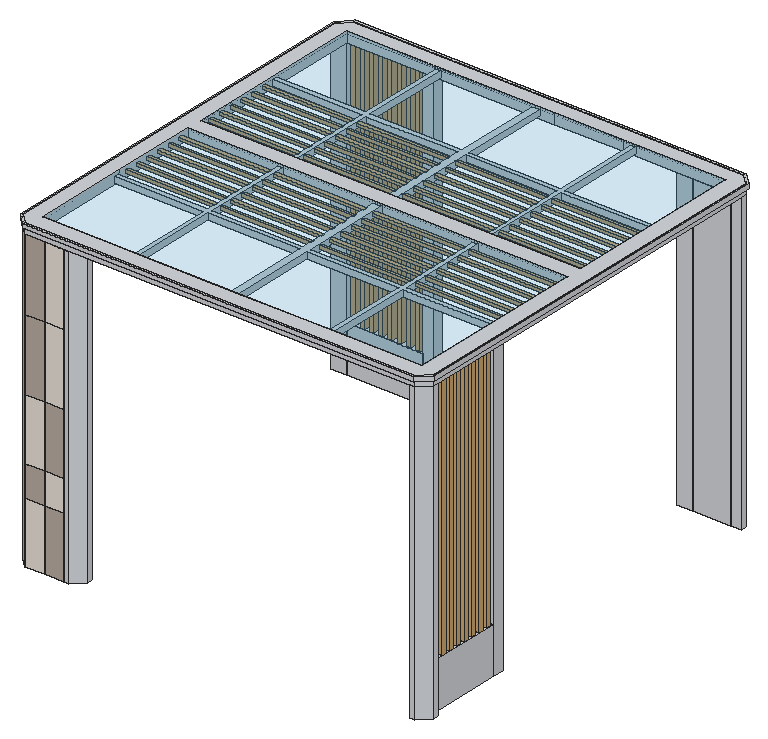
Revit family "L-FUR_퍼걸러_DWP-2016-1_데오스웍스", category 일반 모델, Revit 2019
Family settings
  보강 철근 호스트 가능 = 아니오
  원형 커넥터 치수 = 지름 사용
  부품 유형 = 보통
  작업 기준면 기반 = 아니오
  항상 수직 = 예
  로드될 때 보이드를 사용하여 절단 = 아니오
  공유 = 아니오
  룸 계산 점 = 아니오
Parameters
  한국산업규격KS = ""
  조달청표준공사코드-세부공종 = "24076836"
  건설정보분류체계-부위분류 = "E94135"
  LIM_INFO_주의사항 = "재배포, 재가공, 판매 금지"
  LIM_INFO_제품업체 = "데오스웍스"
  LIM_INFO_제품번호 = "DWP-2016-1"
  LIM_INFO_제품명 = "퍼걸러_DWP-2016-1"
  LIM_INFO_제작일 = "2021.12."
  LIM_INFO_재료 = "Hardwood, Stl pipe, 강화유리"
  LIM_INFO_업체정보 = ""
  LIM_INFO_업체URL = "https://www.deosworks.com"
  LIM_INFO_업체TEL = "02-862-3444"
  LIM_INFO_업체EMAIL = "info@deosworks.com"
  LIM_INFO_버전 = "2022_V01"
  LIM_INFO_기타정보 = ""
  LIM_INFO_규격 = "W4040 x D4040 x H3000"
  LIM_INFO_가격 = 0
  LIM_INFO_PV_포장재여부 = yes
  LIM_INFO_PV_면적 = 0.00 m²
  KBIMS_식별-버전 = ""
  KBIMS_식별-bSK등록번호 = ""
  KBIMS_보급정보-저작자 = "림인포테크_MMJ"
  KBIMS_보급정보-보급코드 = ""
Reference planes
  plane 1 "중심(앞/뒤)": y = 0
  plane 2: z = 0
  plane 3 "중심(왼쪽/오른쪽)": x = 0
Forms (mm)
  Extrusion 1, solid
    sketch origin (-6248.258, 7246.963, 0) x (1, 0, 0) y (0, 1, 0)
      loop
        line (6368.258, -7266.963) -> (6268.258, -7366.963) -> (6268.258, -11166.963) -> (6368.258, -11266.963) -> (10168.258, -11266.963) -> (10268.258, -11166.963) -> (10268.258, -7366.963) -> (10168.258, -7266.963) -> (6368.258, -7266.963)
      loop
        line (10118.258, -11116.963) -> (10118.258, -9341.963) -> (6418.258, -9341.963) -> (6418.258, -10183.088) -> (6418.258, -11116.963) -> (7425.468, -11116.963) -> (8314.051, -11116.963) -> (9349.701, -11116.963) -> (10118.258, -11116.963)
      loop
        line (10118.258, -8175.752) -> (10118.258, -7416.963) -> (9112.408, -7416.963) -> (8453.452, -7416.963) -> (7269.277, -7416.963) -> (6418.258, -7416.963) -> (6418.258, -9191.963) -> (10118.258, -9191.963) -> (10118.258, -8175.752)
    from 2900 to 3000
  Extrusion 2, solid
    sketch origin (-6248.258, 7246.963, 0) x (1, 0, 0) y (0, 1, 0)
      loop
        line (6359.974, -7246.963) -> (6248.258, -7358.679) -> (6248.258, -11175.248) -> (6359.974, -11286.963) -> (10176.542, -11286.963) -> (10288.258, -11175.248) -> (10288.258, -7358.679) -> (10176.542, -7246.963) -> (6359.974, -7246.963)
      loop
        line (10268.258, -7366.963) -> (10168.258, -7266.963) -> (6368.258, -7266.963) -> (6268.258, -7366.963) -> (6268.258, -11166.963) -> (6368.258, -11266.963) -> (10168.258, -11266.963) -> (10268.258, -11166.963) -> (10268.258, -7366.963)
    from 2960 to 3000
  Extrusion 3, solid, material "합판, 피막 외장"
    sketch origin (-6248.258, 7246.963, 0) x (1, 0, 0) y (0, 1, 0)
      loop
        line (6418.258, -10084.463) -> (6418.258, -10114.463) -> (7295.758, -10114.463) -> (7295.758, -10084.463) -> (6418.258, -10084.463)
      loop
        line (6418.258, -9954.463) -> (6418.258, -9984.463) -> (7295.758, -9984.463) -> (7295.758, -9954.463) -> (6418.258, -9954.463)
      loop
        line (6418.258, -9824.463) -> (6418.258, -9854.463) -> (7295.758, -9854.463) -> (7295.758, -9824.463) -> (6418.258, -9824.463)
      loop
        line (6418.258, -9694.463) -> (6418.258, -9724.463) -> (7295.758, -9724.463) -> (7295.758, -9694.463) -> (6418.258, -9694.463)
      loop
        line (6418.258, -9564.463) -> (6418.258, -9594.463) -> (7295.758, -9594.463) -> (7295.758, -9564.463) -> (6418.258, -9564.463)
      loop
        line (6418.258, -9434.463) -> (6418.258, -9464.463) -> (7295.758, -9464.463) -> (7295.758, -9434.463) -> (6418.258, -9434.463)
      loop
        line (7340.758, -10084.463) -> (7340.758, -10114.463) -> (8230.758, -10114.463) -> (8230.758, -10084.463) -> (7340.758, -10084.463)
      loop
        line (7340.758, -9954.463) -> (7340.758, -9984.463) -> (8230.758, -9984.463) -> (8230.758, -9954.463) -> (7340.758, -9954.463)
      loop
        line (7340.758, -9824.463) -> (7340.758, -9854.463) -> (8230.758, -9854.463) -> (8230.758, -9824.463) -> (7340.758, -9824.463)
      loop
        line (7340.758, -9694.463) -> (7340.758, -9724.463) -> (8230.758, -9724.463) -> (8230.758, -9694.463) -> (7340.758, -9694.463)
      loop
        line (7340.758, -9564.463) -> (7340.758, -9594.463) -> (8230.758, -9594.463) -> (8230.758, -9564.463) -> (7340.758, -9564.463)
      loop
        line (7340.758, -9434.463) -> (7340.758, -9464.463) -> (8230.758, -9464.463) -> (8230.758, -9434.463) -> (7340.758, -9434.463)
      loop
        line (8305.758, -10084.463) -> (8305.758, -10114.463) -> (9195.758, -10114.463) -> (9195.758, -10084.463) -> (8305.758, -10084.463)
      loop
        line (8305.758, -9954.463) -> (8305.758, -9984.463) -> (9195.758, -9984.463) -> (9195.758, -9954.463) -> (8305.758, -9954.463)
      loop
        line (8305.758, -9824.463) -> (8305.758, -9854.463) -> (9195.758, -9854.463) -> (9195.758, -9824.463) -> (8305.758, -9824.463)
      loop
        line (8305.758, -9694.463) -> (8305.758, -9724.463) -> (9195.758, -9724.463) -> (9195.758, -9694.463) -> (8305.758, -9694.463)
      loop
        line (8305.758, -9564.463) -> (8305.758, -9594.463) -> (9195.758, -9594.463) -> (9195.758, -9564.463) -> (8305.758, -9564.463)
      loop
        line (8305.758, -9434.463) -> (8305.758, -9464.463) -> (9195.758, -9464.463) -> (9195.758, -9434.463) -> (8305.758, -9434.463)
      loop
        line (9240.758, -10084.463) -> (9240.758, -10114.463) -> (10118.258, -10114.463) -> (10118.258, -10084.463) -> (9240.758, -10084.463)
      loop
        line (9240.758, -9954.463) -> (9240.758, -9984.463) -> (10118.258, -9984.463) -> (10118.258, -9954.463) -> (9240.758, -9954.463)
      loop
        line (9240.758, -9824.463) -> (9240.758, -9854.463) -> (10118.258, -9854.463) -> (10118.258, -9824.463) -> (9240.758, -9824.463)
      loop
        line (9240.758, -9694.463) -> (9240.758, -9724.463) -> (10118.258, -9724.463) -> (10118.258, -9694.463) -> (9240.758, -9694.463)
      loop
        line (9240.758, -9564.463) -> (9240.758, -9594.463) -> (10118.258, -9594.463) -> (10118.258, -9564.463) -> (9240.758, -9564.463)
      loop
        line (9240.758, -9434.463) -> (9240.758, -9464.463) -> (10118.258, -9464.463) -> (10118.258, -9434.463) -> (9240.758, -9434.463)
      loop
        line (6418.258, -9069.463) -> (6418.258, -9099.463) -> (7295.758, -9099.463) -> (7295.758, -9069.463) -> (6418.258, -9069.463)
      loop
        line (6418.258, -8939.463) -> (6418.258, -8969.463) -> (7295.758, -8969.463) -> (7295.758, -8939.463) -> (6418.258, -8939.463)
      loop
        line (6418.258, -8809.463) -> (6418.258, -8839.463) -> (7295.758, -8839.463) -> (7295.758, -8809.463) -> (6418.258, -8809.463)
      loop
        line (6418.258, -8679.463) -> (6418.258, -8709.463) -> (7295.758, -8709.463) -> (7295.758, -8679.463) -> (6418.258, -8679.463)
      loop
        line (6418.258, -8549.463) -> (6418.258, -8579.463) -> (7295.758, -8579.463) -> (7295.758, -8549.463) -> (6418.258, -8549.463)
      loop
        line (6418.258, -8419.463) -> (6418.258, -8449.463) -> (7295.758, -8449.463) -> (7295.758, -8419.463) -> (6418.258, -8419.463)
      loop
        line (7340.758, -9069.463) -> (7340.758, -9099.463) -> (8230.758, -9099.463) -> (8230.758, -9069.463) -> (7340.758, -9069.463)
      loop
        line (7340.758, -8939.463) -> (7340.758, -8969.463) -> (8230.758, -8969.463) -> (8230.758, -8939.463) -> (7340.758, -8939.463)
      loop
        line (7340.758, -8809.463) -> (7340.758, -8839.463) -> (8230.758, -8839.463) -> (8230.758, -8809.463) -> (7340.758, -8809.463)
      loop
        line (7340.758, -8679.463) -> (7340.758, -8709.463) -> (8230.758, -8709.463) -> (8230.758, -8679.463) -> (7340.758, -8679.463)
      loop
        line (7340.758, -8549.463) -> (7340.758, -8579.463) -> (8230.758, -8579.463) -> (8230.758, -8549.463) -> (7340.758, -8549.463)
      loop
        line (7340.758, -8419.463) -> (7340.758, -8449.463) -> (8230.758, -8449.463) -> (8230.758, -8419.463) -> (7340.758, -8419.463)
      loop
        line (8305.758, -9069.463) -> (8305.758, -9099.463) -> (9195.758, -9099.463) -> (9195.758, -9069.463) -> (8305.758, -9069.463)
      loop
        line (8305.758, -8939.463) -> (8305.758, -8969.463) -> (9195.758, -8969.463) -> (9195.758, -8939.463) -> (8305.758, -8939.463)
      loop
        line (8305.758, -8809.463) -> (8305.758, -8839.463) -> (9195.758, -8839.463) -> (9195.758, -8809.463) -> (8305.758, -8809.463)
      loop
        line (8305.758, -8679.463) -> (8305.758, -8709.463) -> (9195.758, -8709.463) -> (9195.758, -8679.463) -> (8305.758, -8679.463)
      loop
        line (8305.758, -8549.463) -> (8305.758, -8579.463) -> (9195.758, -8579.463) -> (9195.758, -8549.463) -> (8305.758, -8549.463)
      loop
        line (8305.758, -8419.463) -> (8305.758, -8449.463) -> (9195.758, -8449.463) -> (9195.758, -8419.463) -> (8305.758, -8419.463)
      loop
        line (9240.758, -9069.463) -> (9240.758, -9099.463) -> (10118.258, -9099.463) -> (10118.258, -9069.463) -> (9240.758, -9069.463)
      loop
        line (9240.758, -8939.463) -> (9240.758, -8969.463) -> (10118.258, -8969.463) -> (10118.258, -8939.463) -> (9240.758, -8939.463)
      loop
        line (9240.758, -8809.463) -> (9240.758, -8839.463) -> (10118.258, -8839.463) -> (10118.258, -8809.463) -> (9240.758, -8809.463)
      loop
        line (9240.758, -8679.463) -> (9240.758, -8709.463) -> (10118.258, -8709.463) -> (10118.258, -8679.463) -> (9240.758, -8679.463)
      loop
        line (9240.758, -8549.463) -> (9240.758, -8579.463) -> (10118.258, -8579.463) -> (10118.258, -8549.463) -> (9240.758, -8549.463)
      loop
        line (9240.758, -8419.463) -> (9240.758, -8449.463) -> (10118.258, -8449.463) -> (10118.258, -8419.463) -> (9240.758, -8419.463)
    from 2950 to 2980
  Extrusion 4, solid
    sketch origin (-13725.236, -1408.512, 0) x (1, 0, 0) y (0, 1, 0)
      loop
        line (17595.236, -2461.488) -> (17595.236, -2611.488) -> (17645.236, -2611.488) -> (17745.236, -2511.488) -> (17745.236, -2461.488) -> (17695.236, -2461.488) -> (17595.236, -2461.488)
    from 0 to 2900
  Extrusion 5, solid
    sketch origin (-13725.236, -1408.512, 0) x (1, 0, 0) y (0, 1, 0)
      loop
        line (17595.236, -1711.488) -> (17595.236, -2461.488) -> (17695.236, -2461.488) -> (17695.236, -1711.488) -> (17595.236, -1711.488)
    from 0 to 450
  Extrusion 6, solid
    sketch origin (-13725.236, -1408.512, 0) x (1, 0, 0) y (0, 1, 0)
      loop
        line (17595.236, -1611.488) -> (17595.236, -1711.488) -> (17695.236, -1711.488) -> (17695.236, -1611.488) -> (17595.236, -1611.488)
    from 0 to 2900
  Extrusion 7, solid, material "합판, 피막 외장"
    sketch origin (-13725.236, -1408.512, 0) x (1, 0, 0) y (0, 1, 0)
      loop
        line (17605.236, -1751.488) -> (17605.236, -1791.488) -> (17685.236, -1791.488) -> (17685.236, -1751.488) -> (17605.236, -1751.488)
      loop
        line (17605.236, -1841.488) -> (17605.236, -1881.488) -> (17685.236, -1881.488) -> (17685.236, -1841.488) -> (17605.236, -1841.488)
      loop
        line (17605.236, -1931.488) -> (17605.236, -1971.488) -> (17685.236, -1971.488) -> (17685.236, -1931.488) -> (17605.236, -1931.488)
      loop
        line (17605.236, -2021.488) -> (17605.236, -2061.488) -> (17685.236, -2061.488) -> (17685.236, -2021.488) -> (17605.236, -2021.488)
      loop
        line (17605.236, -2111.488) -> (17605.236, -2151.488) -> (17685.236, -2151.488) -> (17685.236, -2111.488) -> (17605.236, -2111.488)
      loop
        line (17605.236, -2201.488) -> (17605.236, -2241.488) -> (17685.236, -2241.488) -> (17685.236, -2201.488) -> (17605.236, -2201.488)
      loop
        line (17605.236, -2291.488) -> (17605.236, -2331.488) -> (17685.236, -2331.488) -> (17685.236, -2291.488) -> (17605.236, -2291.488)
      loop
        line (17605.236, -2381.488) -> (17605.236, -2421.488) -> (17685.236, -2421.488) -> (17685.236, -2381.488) -> (17605.236, -2381.488)
    from 450 to 2900
  Extrusion 8, solid
    sketch origin (2631.373, 17525.236, 0) x (0, -1, 0) y (1, 0, 0)
      loop
        line (17595.236, -1711.488) -> (17595.236, -2461.488) -> (17695.236, -2461.488) -> (17695.236, -1711.488) -> (17595.236, -1711.488)
    from 0 to 450
  Extrusion 9, solid
    sketch origin (2631.373, 17525.236, 0) x (0, -1, 0) y (1, 0, 0)
      loop
        line (17595.236, -1611.488) -> (17595.236, -1711.488) -> (17695.236, -1711.488) -> (17695.236, -1611.488) -> (17595.236, -1611.488)
    from 0 to 2900
  Extrusion 10, solid, material "합판, 피막 외장"
    sketch origin (2631.373, 17525.236, 0) x (0, -1, 0) y (1, 0, 0)
      loop
        line (17605.236, -1751.488) -> (17605.236, -1791.488) -> (17685.236, -1791.488) -> (17685.236, -1751.488) -> (17605.236, -1751.488)
      loop
        line (17605.236, -1841.488) -> (17605.236, -1881.488) -> (17685.236, -1881.488) -> (17685.236, -1841.488) -> (17605.236, -1841.488)
      loop
        line (17605.236, -1931.488) -> (17605.236, -1971.488) -> (17685.236, -1971.488) -> (17685.236, -1931.488) -> (17605.236, -1931.488)
      loop
        line (17605.236, -2021.488) -> (17605.236, -2061.488) -> (17685.236, -2061.488) -> (17685.236, -2021.488) -> (17605.236, -2021.488)
      loop
        line (17605.236, -2111.488) -> (17605.236, -2151.488) -> (17685.236, -2151.488) -> (17685.236, -2111.488) -> (17605.236, -2111.488)
      loop
        line (17605.236, -2201.488) -> (17605.236, -2241.488) -> (17685.236, -2241.488) -> (17685.236, -2201.488) -> (17605.236, -2201.488)
      loop
        line (17605.236, -2291.488) -> (17605.236, -2331.488) -> (17685.236, -2331.488) -> (17685.236, -2291.488) -> (17605.236, -2291.488)
      loop
        line (17605.236, -2381.488) -> (17605.236, -2421.488) -> (17685.236, -2421.488) -> (17685.236, -2381.488) -> (17605.236, -2381.488)
    from 450 to 2900
  Extrusion 11, solid
    sketch origin (-13725.236, -1408.512, 0) x (1, 0, 0) y (0, 1, 0)
      loop
        line (13895.236, 1338.512) -> (13895.236, 1388.512) -> (13845.236, 1388.512) -> (13745.236, 1288.512) -> (13745.236, 1238.512) -> (13895.236, 1238.512) -> (13895.236, 1338.512)
    from 0 to 2900
  Extrusion 12, solid
    sketch origin (-13725.224, -1408.512, 0) x (1, 0, 0) y (0, 1, 0)
      loop
        line (17268.235, 1388.512) -> (17268.235, 1238.512) -> (17645.236, 1238.512) -> (17645.236, 1388.512) -> (17268.235, 1388.512)
    from 0 to 2900
  Extrusion 13, solid
    sketch origin (6004.499, -17765.236, 0) x (0, 1, 0) y (-1, 0, 0)
      loop
        line (17595.236, 2461.488) -> (17695.236, 2461.488) -> (17745.236, 2461.488) -> (17745.236, 2511.488) -> (17645.236, 2611.488) -> (17595.236, 2611.488) -> (17595.236, 2461.488)
    from 0 to 2900
  Extrusion 14, solid, material "페인트"
    sketch origin (-13725.236, -1408.512, 0) x (1, 0, 0) y (0, 1, 0)
      loop
        line (13845.236, -2461.488) -> (13845.236, -2611.624) -> (14033.724, -2611.624) -> (14033.724, -2461.488) -> (13845.236, -2461.488)
    from 0 to 600
  Extrusion 15, solid, material "페인트(1)"
    sketch origin (-13725.236, -1408.512, 0) x (1, 0, 0) y (0, 1, 0)
      loop
        line (14033.724, -2461.488) -> (14033.724, -2611.624) -> (14222.213, -2611.624) -> (14222.213, -2461.488) -> (14033.724, -2461.488)
    from 0 to 600
  Extrusion 16, solid, material "페인트(1)"
    sketch origin (-13725.236, -1408.512, 0) x (1, 0, 0) y (0, 1, 0)
      loop
        line (13845.236, -2461.488) -> (13845.236, -2611.624) -> (14033.724, -2611.624) -> (14033.724, -2461.488) -> (13845.236, -2461.488)
    from 600 to 900
  Extrusion 17, solid, material "페인트"
    sketch origin (-13725.236, -1408.512, 0) x (1, 0, 0) y (0, 1, 0)
      loop
        line (14033.724, -2461.488) -> (14033.724, -2611.624) -> (14222.213, -2611.624) -> (14222.213, -2461.488) -> (14033.724, -2461.488)
    from 600 to 900
  Extrusion 18, solid, material "페인트"
    sketch origin (-13725.236, -1408.512, 0) x (1, 0, 0) y (0, 1, 0)
      loop
        line (13845.236, -2461.488) -> (13845.236, -2611.624) -> (14033.724, -2611.624) -> (14033.724, -2461.488) -> (13845.236, -2461.488)
    from 1500 to 900
  Extrusion 19, solid, material "페인트(1)"
    sketch origin (-13725.236, -1408.512, 0) x (1, 0, 0) y (0, 1, 0)
      loop
        line (14033.724, -2461.488) -> (14033.724, -2611.624) -> (14222.213, -2611.624) -> (14222.213, -2461.488) -> (14033.724, -2461.488)
    from 1500 to 900
  Extrusion 20, solid, material "페인트(1)"
    sketch origin (-13725.236, -1408.512, 0) x (1, 0, 0) y (0, 1, 0)
      loop
        line (13845.236, -2461.488) -> (13845.236, -2611.624) -> (14033.724, -2611.624) -> (14033.724, -2461.488) -> (13845.236, -2461.488)
    from 2200 to 1500
  Extrusion 21, solid, material "페인트"
    sketch origin (-13725.236, -1408.512, 0) x (1, 0, 0) y (0, 1, 0)
      loop
        line (14033.724, -2461.488) -> (14033.724, -2611.624) -> (14222.213, -2611.624) -> (14222.213, -2461.488) -> (14033.724, -2461.488)
    from 2200 to 1500
  Extrusion 22, solid, material "페인트(1)"
    sketch origin (-13725.236, -1408.512, 0) x (1, 0, 0) y (0, 1, 0)
      loop
        line (13845.236, -2461.488) -> (13845.236, -2611.624) -> (14033.724, -2611.624) -> (14033.724, -2461.488) -> (13845.236, -2461.488)
    from 2900 to 2200
  Extrusion 23, solid, material "페인트"
    sketch origin (-13725.236, -1408.512, 0) x (1, 0, 0) y (0, 1, 0)
      loop
        line (14033.724, -2461.488) -> (14033.724, -2611.624) -> (14222.213, -2611.624) -> (14222.213, -2461.488) -> (14033.724, -2461.488)
    from 2900 to 2200
  Extrusion 24, solid
    sketch origin (1408.512, -17765.247, 0) x (0, 1, 0) y (-1, 0, 0)
      loop
        line (17745.236, -2511.488) -> (17595.236, -2511.488) -> (17595.236, -2611.488) -> (17645.236, -2611.488) -> (17745.236, -2511.488)
    from 0 to 2900
  Extrusion 25, solid
    sketch origin (-13725.236, -2631.488, 0) x (1, 0, 0) y (0, 1, 0)
      loop
        line (13845.236, -1238.512) -> (13745.236, -1238.512) -> (13745.236, -1288.512) -> (13845.236, -1388.512) -> (13845.236, -1238.512)
    from 0 to 2900
  Extrusion 26, solid
    sketch origin (14392.213, -2631.488, 0) x (-1, 0, 0) y (0, -1, 0)
      loop
        line (13895.236, 1338.512) -> (13895.236, 1388.512) -> (13845.236, 1388.512) -> (13745.236, 1288.512) -> (13745.236, 1238.512) -> (13895.236, 1238.512) -> (13895.236, 1338.512)
    from 0 to 2900
  Extrusion 27, solid
    sketch origin (-6247.584, -505.597, 0) x (1, 0, 0) y (0, 1, 0)
      loop
        line (7295.085, -529.403) -> (6417.584, -529.403) -> (6417.584, -574.403) -> (7295.085, -574.403) -> (7295.085, -1439.403) -> (7340.085, -1439.403) -> (7340.085, -574.403) -> (8230.085, -574.403) -> (8230.085, -1439.403) -> (8305.084, -1439.403) -> (8305.084, -574.403) -> (9195.085, -574.403) -> (9195.085, -1439.403) -> (9240.084, -1439.403) -> (9240.084, -574.403) -> (10117.584, -574.403) -> (10117.584, -529.403) -> (9240.084, -529.403) -> (9240.084, 335.597) -> (9195.085, 335.597) -> (9195.085, -529.403) -> (8305.084, -529.403) -> (8305.084, 335.597) -> (8230.085, 335.597) -> (8230.085, -529.403) -> (7340.085, -529.403) -> (7340.085, 335.597) -> (7295.085, 335.597) -> (7295.085, -529.403)
      loop
        line (9240.084, -2454.403) -> (9240.084, -1589.404) -> (9195.085, -1589.404) -> (9195.085, -2454.403) -> (8305.084, -2454.403) -> (8305.084, -1589.404) -> (8230.085, -1589.404) -> (8230.085, -2454.403) -> (7340.085, -2454.403) -> (7340.085, -1589.404) -> (7295.085, -1589.404) -> (7295.085, -2454.403) -> (6417.584, -2454.403) -> (6417.584, -2499.403) -> (7295.085, -2499.403) -> (7295.085, -3364.403) -> (7340.085, -3364.403) -> (7340.085, -2499.403) -> (8230.085, -2499.403) -> (8230.085, -3364.403) -> (8305.084, -3364.403) -> (8305.084, -2499.403) -> (9195.085, -2499.403) -> (9195.085, -3364.403) -> (9240.084, -3364.403) -> (9240.084, -2499.403) -> (10117.584, -2499.403) -> (10117.584, -2454.403) -> (9240.084, -2454.403)
    from 2920 to 2980
  Extrusion 28, solid, material "유리"
    sketch origin (-6247.584, -505.597, 0) x (1, 0, 0) y (0, 1, 0)
      loop
        line (6417.584, 335.597) -> (6417.584, -1439.403) -> (10117.584, -1439.403) -> (10117.584, 335.597) -> (6417.584, 335.597)
      loop
        line (6417.584, -1589.403) -> (6417.584, -3364.403) -> (10117.584, -3364.403) -> (10117.584, -1589.403) -> (6417.584, -1589.403)
    from 2980 to 3000
Dimensions and locks
  aligned and locked: level to plane 2
